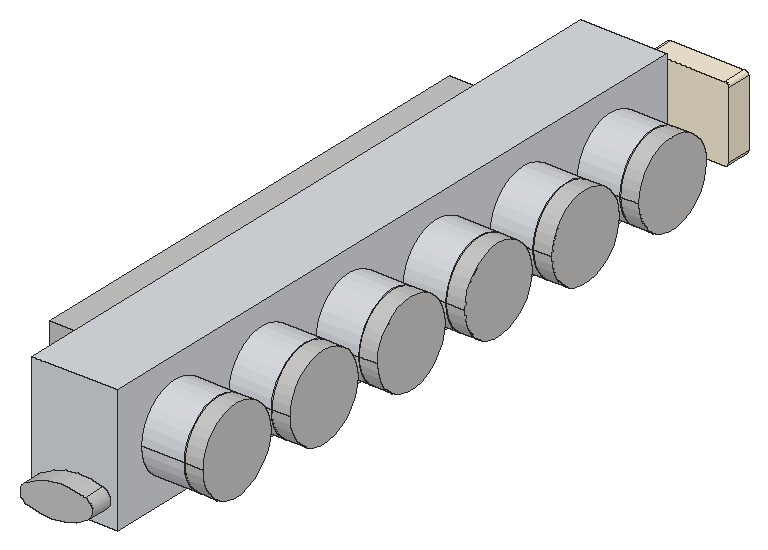
Revit family "HVAC_Ductwork_Airzone_Motorized-Plenum_Daikin_Standard_6-Dampers", category Mechanical Equipment, Revit 2016
Family settings
  Part Type = Normal
  Round Connector Dimension = Use Diameter
  OmniClass Number = 23.75.70.14
  OmniClass Title = Air Ductwork
  Work Plane-Based = No
  Always vertical = Yes
  Cut with Voids When Loaded = No
  Shared = No
  Room Calculation Point = No
Parameters (values of type "DAIST07L6")
  Voltage = 230 V
  URL = "www.airzone.es"
  Type Image Comments = "Image available in product documentation download"  # constant formula
  Revit Model Version = "1.0"  # constant formula
  Revit Model Author URL = "www.a3d.es"
  Revit Model Author = "A3D Consulting"  # constant formula
  Product Documentation Download URL = "http://doc.airzone.es/BIM/Easyzone/Daikin-Airzone_motorized_plenum.zip"
  Product Comments = "Refer to technical documentation for further details"  # constant formula
  Power Factor = 1
  Neck Width = 1195.600 mm
  Neck Length = 95.000 mm
  Neck Height = 181.600 mm
  Material = Metal - AIRZONE - Galvanized Sheet - Semi-polished
  Main Control Board Material = Plastic - AIRZONE - Smooth - Off-white
  Load Classification = Other
  Insulated Body Width = 205.000 mm  # constant formula
  Insulated Body Material = Metal -AIRZONE - Insulating Lining -Aluminum Finish
  Insulated Body Length = 1638.600 mm  # constant formula
  Insulated Body Height = 300.000 mm  # constant formula
  Flow [instance] = Damper 6 Air Flow + Damper 5 Air Flow + Damper 4 Air Flow + Damper 3 Air Flow + Damper 2 Air Flow + Damper 1 Air Flow - Fresh Air Inlet 2 Flow - Fresh Air Inlet 1 Flow  # 1800 m³/h
  Fresh Air Inlet 1 Flow [instance] = 0 m³/h
  Fresh Air Inlet 2 Flow [instance] = 0 m³/h
  Fresh Air Inlet Connection Width = 175.000 mm
  Fresh Air Inlet Connection Height = 75.000 mm
  Model = "DAIST07L6"
  Neck Side Offset = 271.500 mm
  Neck Bottom Offset = 85.200 mm
  Type Image = <None>
  Manufacturer = "AIRZONE"  # constant formula
  Main Control Board Depth = 57.000 mm  # constant formula
  Main Control Board Width = 195.000 mm  # constant formula
  Main Control Board Height = 180.000 mm  # constant formula
  Fixing = ""
  Disclaimer = "All information provided in this model is reviewed before being published. However, Airzone cannot guarantee this model is error-free, therefore users are strongly encouraged to check for technical documentation and updates"  # constant formula
  Description = "Airzone standard motorized plenum with neck that mechanically adapts to the main ducted AC units of Daikin."
  Type Comments = ""
  Dampers Length = 149.000 mm  # constant formula
  Dampers Diameter = 200.000 mm  # constant formula
  Damper 6 Air Flow [instance] = 300 m³/h
  Damper 5 Air Flow [instance] = 300 m³/h
  Damper 4 Air Flow [instance] = 300 m³/h
  Damper 1 Air Flow [instance] = 300 m³/h
  Damper 2 Air Flow [instance] = 300 m³/h
  Damper 3 Air Flow [instance] = 300 m³/h
  Fresh Air Inlet Connection Offset Height = 48.305 mm  # constant formula
  Compatible Accesories = ""
  Apparent Load = 57.5 VA
Types (10, lengths in mm): name | Neck Width | Neck Height | Model | Neck Side Offset | Neck Bottom Offset
  DAIST07L6 | 1195.600 | 181.600 | "DAIST07L6" | 271.500 | 85.200
  DAIST07M6 | 795.600 | 181.600 | "DAIST07M6" | 471.500 | 85.200
  DAIST06L6 | 1414.600 | 196.600 | "DAIST06L6" | 33.200 | 70.200
  DAIST06M6 | 1064.600 | 196.600 | "DAIST06M6" | 196.200 | 70.200
  DAIST05L6 | 1572.600 | 123.600 | "DAIST05L6" | 33.000 | 138.200
  DAIST04L6 | 1173.600 | 203.600 | "DAIST04L6" | 232.600 | 54.200
  DAIST04M6 | 773.600 | 203.600 | "DAIST04M6" | 432.500 | 54.200
  DAIST02L6 | 1068.600 | 233.600 | "DAIST02L6" | 285.000 | 33.200
  DAIST01L6 | 1167.600 | 222.600 | "DAIST01L6" | 300.500 | 46.000
  DAIST01M6 | 767.600 | 222.600 | "DAIST01M6" | 500.500 | 46.000
Reference planes
  plane 1 "Center (Front/Back)": y = 0
  plane 2 "Center (Elevation)": z = 0
  plane 3 "Center (Left/Right)": x = 0
  plane 4 "Neck Back": y = 597.8
  plane 5 "Neck Front": y = -597.8
  plane 6 "Neck Top": z = 90.8
  plane 7 "Neck Bottom": z = -90.8
  plane 8 "Left": x = 95
  plane 9 "Bottom": z = -176
  plane 10 "Top": z = 124
  plane 11 "Front": y = -769.3
  plane 12 "Back": y = 869.3
  plane 13 "Right": x = 300
  plane 14 "Dampers Front": x = 449
  plane 15 "Dampers Center (Elevation)": z = -26
  plane 16 "Damper3": y = 180
  plane 17 "Damper2": y = 440
  plane 18 "Damper1": y = 700
  plane 19 "Middle": y = 50
  plane 20 "FreshAir Center (Elevation)": z = -127.695
  plane 21 "FreshAir1": y = 921.8
  plane 22 "FreshAir2": y = -821.8
  plane 23 "Dampers Lining": x = 404
  plane 24 "FreshAir Vertical Axis": x = 195.83
  plane 25 "ConnectionBox Side": x = 254
  plane 26 "Main Control Board Center (Left/Right)": x = 351.5
  plane 27 "Damper4": y = -80
  plane 28 "Damper5": y = -340
  plane 29 "Damper6": y = -600
Forms (mm)
  Extrusion 1, solid, material "Metal - AIRZONE - Galvanized Sheet - Semi-polished" <- "Material"
    sketch origin (0, 0, 0) x (0, 1, 0) y (0, 0, 1)
      loop
        line (-597.8, 90.8) -> (-597.8, -90.8) -> (597.8, -90.8) -> (597.8, 90.8) -> (-597.8, 90.8)
    from 0 to 95
  Extrusion 2, solid, material "Metal -AIRZONE - Insulating Lining -Aluminum Finish" <- "Insulated Body Material"
    sketch origin (95, 0, 0) x (0, 1, 0) y (0, 0, 1)
      loop
        line (-769.3, 124) -> (-769.3, -176) -> (869.3, -176) -> (869.3, 124) -> (-769.3, 124)
    from 0 to 205
  Extrusion 3, solid, material "Metal - AIRZONE - Galvanized Sheet - Semi-polished" <- "Material"
    sketch origin (300, 0, 0) x (0, 1, 0) y (0, 0, 1)
      loop
        circle (180, -26) r 100
    from 104 to 149
  Extrusion 4, solid, material "Metal - AIRZONE - Galvanized Sheet - Semi-polished" <- "Material"
    sketch origin (300, 0, 0) x (0, 1, 0) y (0, 0, 1)
      loop
        circle (440, -26) r 100
    from 104 to 149
  Extrusion 5, solid, material "Metal - AIRZONE - Galvanized Sheet - Semi-polished" <- "Material"
    sketch origin (300, 0, 0) x (0, 1, 0) y (0, 0, 1)
      loop
        circle (700, -26) r 100
    from 104 to 149
  Extrusion 6, solid, material "Metal - AIRZONE - Galvanized Sheet - Semi-polished" <- "Material"
    sketch origin (0, -769.3, 0) x (0, 0, 1) y (1, 0, 0)
      loop
        arc (-95.141, 265.204) -> (-116.608, 282.105) -> (-141.312, 270.434) r 25.96
        arc (-141.312, 270.434) -> (-167.302, 200.598) -> (-159.849, 126.456) r 164.67
        arc (-159.849, 126.456) -> (-138.665, 109.589) -> (-113.994, 120.751) r 25.96
        arc (-113.994, 120.751) -> (-87.725, 190.78) -> (-95.141, 265.204) r 164.67
    from 0 to -52.5
  Extrusion 7, solid, material "Metal - AIRZONE - Galvanized Sheet - Semi-polished" <- "Material"
    sketch origin (0, 869.3, 0) x (0, 0, 1) y (1, 0, 0)
      loop
        arc (-95.141, 265.204) -> (-116.325, 282.071) -> (-140.996, 270.909) r 25.96
        arc (-140.996, 270.909) -> (-167.179, 201.53) -> (-160.267, 127.699) r 164.67
        arc (-160.267, 127.699) -> (-139.032, 109.637) -> (-113.678, 121.226) r 25.96
        arc (-113.678, 121.226) -> (-87.688, 191.062) -> (-95.141, 265.204) r 164.67
    from 0 to 52.5
  Extrusion 8, solid, material "Metal -AIRZONE - Insulating Lining -Aluminum Finish" <- "Insulated Body Material"
    sketch origin (300, 0, 0) x (0, 1, 0) y (0, 0, 1)
      loop
        circle (700, -26) r 100
    from 0 to 104
  Extrusion 9, solid, material "Metal -AIRZONE - Insulating Lining -Aluminum Finish" <- "Insulated Body Material"
    sketch origin (300, -260, 0) x (0, 1, 0) y (0, 0, 1)
      loop
        circle (700, -26) r 100
    from 0 to 104
  Extrusion 10, solid, material "Metal -AIRZONE - Insulating Lining -Aluminum Finish" <- "Insulated Body Material"
    sketch origin (300, -520, 0) x (0, 1, 0) y (0, 0, 1)
      loop
        circle (700, -26) r 100
    from 0 to 104
  Extrusion 11, solid, material "Metal - AIRZONE - Galvanized Sheet - Semi-polished" <- "Material"
    sketch origin (300, -190, 0) x (0, 1, 0) y (0, 0, 1)
      loop
        circle (110, -26) r 100
    from 104 to 149
  Extrusion 12, solid, material "Metal -AIRZONE - Insulating Lining -Aluminum Finish" <- "Insulated Body Material"
    sketch origin (300, -710, 0) x (0, 1, 0) y (0, 0, 1)
      loop
        circle (630, -26) r 100
    from 0 to 104
  Extrusion 13, solid, material "Metal -AIRZONE - Insulating Lining -Aluminum Finish" <- "Insulated Body Material"
    sketch origin (300, -970, 0) x (0, 1, 0) y (0, 0, 1)
      loop
        circle (630, -26) r 100
    from 0 to 104
  Extrusion 14, solid, material "Metal - AIRZONE - Galvanized Sheet - Semi-polished" <- "Material"
    sketch origin (300, -450, 0) x (0, 1, 0) y (0, 0, 1)
      loop
        circle (110, -26) r 100
    from 104 to 149
  Extrusion 15, solid, material "Metal -AIRZONE - Insulating Lining -Aluminum Finish" <- "Insulated Body Material"
    sketch origin (300, -1230, 0) x (0, 1, 0) y (0, 0, 1)
      loop
        circle (630, -26) r 100
    from 0 to 104
  Extrusion 16, solid, material "Metal - AIRZONE - Galvanized Sheet - Semi-polished" <- "Material"
    sketch origin (300, -710, 0) x (0, 1, 0) y (0, 0, 1)
      loop
        circle (110, -26) r 100
    from 104 to 149
Lines and regions (mm)
  Masking region 1
    outline origin (0, 0, 0) x (1, 0, 0) y (0, 1, 0)
      loop
        line (95, 869.3) -> (95, -769.3) -> (300, -769.3) -> (300, 869.3) -> (95, 869.3)
  Masking region 2, detail levels medium+fine
    outline origin (0, 0, 0) x (1, 0, 0) y (0, 1, 0)
      loop
        line (0, 597.8) -> (0, -597.8) -> (95, -597.8) -> (95, 597.8) -> (0, 597.8)
  Masking region 3, detail levels medium+fine
    outline origin (0, 0, 0) x (1, 0, 0) y (0, 1, 0)
      loop
        line (300, 280) -> (300, 80) -> (449, 80) -> (449, 280) -> (300, 280)
  Masking region 4, detail levels medium+fine
    outline origin (0, 260, 0) x (1, 0, 0) y (0, 1, 0)
      loop
        line (300, 280) -> (300, 80) -> (449, 80) -> (449, 280) -> (300, 280)
  Masking region 5, detail levels medium+fine
    outline origin (0, 520, 0) x (1, 0, 0) y (0, 1, 0)
      loop
        line (300, 280) -> (300, 80) -> (449, 80) -> (449, 280) -> (300, 280)
  Masking region 6, detail levels medium+fine
    outline origin (0, 0, -127.695) x (1, 0, 0) y (0, 1, 0)
      loop
        line (108.33, 921.8) -> (108.33, 869.3) -> (283.33, 869.3) -> (283.33, 921.8) -> (108.33, 921.8)
  Masking region 7, detail levels medium+fine
    outline origin (0, 0, -127.695) x (1, 0, 0) y (0, 1, 0)
      loop
        line (108.33, -769.3) -> (108.33, -821.8) -> (283.33, -821.8) -> (283.33, -769.3) -> (108.33, -769.3)
  Masking region 8, detail levels medium+fine
    outline origin (0, 0, 124) x (0, -1, 0) y (1, 0, 0)
      loop
        line (-926.3, 254) -> (-869.3, 254) -> (-869.3, 449) -> (-926.3, 449) -> (-926.3, 254)
  Masking region 9, detail levels medium+fine
    outline origin (0, -190, 0) x (1, 0, 0) y (0, 1, 0)
      loop
        line (300, 210) -> (300, 10) -> (449, 10) -> (449, 210) -> (300, 210)
  Masking region 10, detail levels medium+fine
    outline origin (0, -450, 0) x (1, 0, 0) y (0, 1, 0)
      loop
        line (300, 210) -> (300, 10) -> (449, 10) -> (449, 210) -> (300, 210)
  Masking region 11, detail levels medium+fine
    outline origin (0, -710, 0) x (1, 0, 0) y (0, 1, 0)
      loop
        line (300, 210) -> (300, 10) -> (449, 10) -> (449, 210) -> (300, 210)
  symbolic lines, detail levels coarse
    curve 1: line (95, -769.3, 0) -> (300, 180, 0)
    curve 2: line (300, 180, 0) -> (95, 869.3, 0)
Dimensions and locks
  equal spacing: plane 4 "Neck Back", plane 1 "Center (Front/Back)", plane 5 "Neck Front"
  "Neck Width": plane 4 "Neck Back" to plane 5 "Neck Front"
  equal spacing: plane 6 "Neck Top", level, plane 7 "Neck Bottom"
  "Neck Height": plane 6 "Neck Top" to plane 7 "Neck Bottom"
  "Neck Length": plane 3 "Center (Left/Right)" to plane 8 "Left"
  "Neck Bottom Offset": plane 7 "Neck Bottom" to plane 9 "Bottom"
  "Insulated Body Height": plane 10 "Top" to plane 9 "Bottom"
  "Insulated Body Length": plane 12 "Back" to plane 11 "Front"
  "Insulated Body Width": plane 8 "Left" to plane 13 "Right"
  "Dampers Length": plane 13 "Right" to plane 14 "Dampers Front"
  equal spacing: plane 10 "Top", plane 15 "Dampers Center (Elevation)", plane 9 "Bottom"
  equal spacing: plane 12 "Back", plane 19 "Middle", plane 11 "Front"
  plane 8 "Left" to plane 13 "Right" = 205.000 mm
  "Fresh Air Inlet Connection Offset Height": plane 20 "FreshAir Center (Elevation)" to plane 9 "Bottom"
  locked: Extrusion 6 sketch curve to plane 9 "Bottom" at 56.47
  locked: plane 13 "Right" to Extrusion 6 sketch curve at 43.69
  locked: plane 13 "Right" to Extrusion 6 sketch curve at 164.65
  locked: Extrusion 6 sketch curve to plane 9 "Bottom" at 40.54
  locked: plane 13 "Right" to Extrusion 6 sketch curve at 87.91
  locked: plane 9 "Bottom" to Extrusion 6 sketch curve at 75.01
  locked: plane 13 "Right" to Extrusion 6 sketch curve at 120.43
  locked: Extrusion 6 sketch curve to plane 9 "Bottom" at 172.02
  locked: plane 13 "Right" to Extrusion 7 sketch curve at 43.69
  locked: Extrusion 7 sketch curve to plane 9 "Bottom" at 56.47
  locked: Extrusion 7 sketch curve to plane 9 "Bottom" at 40.54
  locked: plane 13 "Right" to Extrusion 7 sketch curve at 164.65
  locked: plane 13 "Right" to Extrusion 7 sketch curve at 120.43
  locked: Extrusion 7 sketch curve to plane 9 "Bottom" at 172.02
  locked: plane 9 "Bottom" to Extrusion 7 sketch curve at 75.01
  locked: plane 13 "Right" to Extrusion 7 sketch curve at 87.91
  "Neck Side Offset": plane 12 "Back" to plane 4 "Neck Back"
  locked: plane 21 "FreshAir1" to plane 12 "Back" at 52.5
  plane 11 "Front" to plane 22 "FreshAir2" = 52.500 mm
  locked: connector elem to plane 13 "Right" at 104.17
  locked: plane 20 "FreshAir Center (Elevation)" to connector elem
  locked: plane 13 "Right" to connector elem at 104.17
  locked: connector elem to plane 20 "FreshAir Center (Elevation)"
  locked: plane 23 "Dampers Lining" to plane 14 "Dampers Front" at 45
  locked: plane 24 "FreshAir Vertical Axis" to plane 13 "Right" at 104.17
  equal spacing: Masking region 3 sketch curve, plane 16 "Damper3", Masking region 3 sketch curve
  "Dampers Diameter": Masking region 3 sketch curve to Masking region 3 sketch curve
  "Dampers Diameter": Masking region 4 sketch curve to Masking region 4 sketch curve
  equal spacing: Masking region 5 sketch curve, plane 18 "Damper1", Masking region 5 sketch curve
  "Dampers Diameter": Masking region 5 sketch curve to Masking region 5 sketch curve
  equal spacing: Masking region 6 sketch curve, plane 24 "FreshAir Vertical Axis", Masking region 6 sketch curve
  "Fresh Air Inlet Connection Width": Masking region 6 sketch curve to Masking region 6 sketch curve
  equal spacing: Masking region 7 sketch curve, plane 24 "FreshAir Vertical Axis", Masking region 7 sketch curve
  "Fresh Air Inlet Connection Width": Masking region 7 sketch curve to Masking region 7 sketch curve
  "Main Control Board Depth": Masking region 8 sketch curve to plane 12 "Back"
  "Main Control Board Width": plane 25 "ConnectionBox Side" to plane 14 "Dampers Front"
  equal spacing: plane 25 "ConnectionBox Side", plane 26 "Main Control Board Center (Left/Right)", plane 14 "Dampers Front"
  locked: nested 1 to plane 10 "Top" at 10
  equal spacing: Masking region 4 sketch curve, plane 17 "Damper2", Masking region 4 sketch curve
  equal spacing: Masking region 9 sketch curve, plane 27 "Damper4", Masking region 9 sketch curve
  "Dampers Diameter": Masking region 9 sketch curve to Masking region 9 sketch curve
  plane 18 "Damper1" to plane 17 "Damper2" to plane 16 "Damper3" to plane 27 "Damper4" to plane 28 "Damper5" to plane 29 "Damper6" = 260.000 mm locked, 260.000 mm locked, 260.000 mm locked, 260.000 mm locked, 260.000 mm locked
  locked: plane 16 "Damper3" to plane 19 "Middle" at 130
  equal spacing: Masking region 10 sketch curve, plane 28 "Damper5", Masking region 10 sketch curve
  "Dampers Diameter": Masking region 10 sketch curve to Masking region 10 sketch curve
  equal spacing: Masking region 11 sketch curve, plane 29 "Damper6", Masking region 11 sketch curve
  "Dampers Diameter": Masking region 11 sketch curve to Masking region 11 sketch curve
  "Dampers Diameter": diameter of Extrusion 3 sketch curve
  "Dampers Diameter": diameter of Extrusion 4 sketch curve
  "Dampers Diameter": diameter of Extrusion 5 sketch curve
  radius of Extrusion 7 sketch curve = 164.670 mm  (x2)
  radius of Extrusion 7 sketch curve = 25.960 mm  (x2)
  radius of Extrusion 6 sketch curve = 164.670 mm  (x2)
  radius of Extrusion 6 sketch curve = 25.960 mm  (x2)
  "Dampers Diameter": diameter of Extrusion 8 sketch curve
  "Dampers Diameter": diameter of Extrusion 9 sketch curve
  "Dampers Diameter": diameter of Extrusion 10 sketch curve
  "Dampers Diameter": diameter of Extrusion 11 sketch curve
  "Dampers Diameter": diameter of Extrusion 12 sketch curve
  "Dampers Diameter": diameter of Extrusion 13 sketch curve
  "Dampers Diameter": diameter of Extrusion 14 sketch curve
  "Dampers Diameter": diameter of Extrusion 15 sketch curve
  "Dampers Diameter": diameter of Extrusion 16 sketch curve
  aligned and locked: level to plane 2 "Center (Elevation)"
  aligned and locked: plane 5 "Neck Front" to Extrusion 1 sketch curve
  aligned and locked: Extrusion 1 sketch curve to plane 6 "Neck Top"
  aligned and locked: Extrusion 1 sketch curve to plane 4 "Neck Back"
  aligned and locked: plane 7 "Neck Bottom" to Extrusion 1 sketch curve
  aligned and locked: Extrusion 1 to plane 3 "Center (Left/Right)"
  aligned and locked: Extrusion 2 sketch curve to plane 10 "Top"
  aligned and locked: Extrusion 2 sketch curve to plane 12 "Back"
  aligned and locked: Extrusion 2 sketch curve to plane 9 "Bottom"
  aligned and locked: plane 11 "Front" to Extrusion 2 sketch curve
  aligned and locked: plane 13 "Right" to Extrusion 2
  aligned and locked: Extrusion 2 to plane 8 "Left"
  aligned and locked: plane 16 "Damper3" to Extrusion 3 sketch curve
  aligned and locked: plane 15 "Dampers Center (Elevation)" to Extrusion 3 sketch curve
  aligned and locked: plane 15 "Dampers Center (Elevation)" to Extrusion 4 sketch curve
  aligned and locked: plane 18 "Damper1" to Extrusion 5 sketch curve
  aligned and locked: plane 15 "Dampers Center (Elevation)" to Extrusion 5 sketch curve
  aligned and locked: plane 14 "Dampers Front" to Extrusion 5
  aligned and locked: plane 14 "Dampers Front" to Extrusion 4
  aligned and locked: plane 14 "Dampers Front" to Extrusion 3
  aligned and locked: plane 8 "Left" to Extrusion 1
  aligned and locked: plane 22 "FreshAir2" to Extrusion 6
  aligned and locked: plane 21 "FreshAir1" to Extrusion 7
  aligned and locked: Extrusion 7 to plane 12 "Back"
  aligned and locked: plane 11 "Front" to Extrusion 6
  aligned and locked: Extrusion 5 to plane 23 "Dampers Lining"
  aligned and locked: Extrusion 5 to Extrusion 4
  aligned and locked: Extrusion 4 to Extrusion 3
  aligned and locked: plane 23 "Dampers Lining" to Extrusion 8
  aligned and locked: Extrusion 10 to plane 13 "Right"
  aligned and locked: plane 23 "Dampers Lining" to Extrusion 10
  aligned and locked: Extrusion 9 to plane 13 "Right"
  aligned and locked: plane 23 "Dampers Lining" to Extrusion 9
  aligned and locked: Extrusion 8 to plane 13 "Right"
  aligned and locked: Extrusion 9 to Extrusion 8
  aligned and locked: plane 18 "Damper1" to Extrusion 8 sketch curve
  aligned and locked: plane 15 "Dampers Center (Elevation)" to Extrusion 8 sketch curve
  aligned and locked: plane 15 "Dampers Center (Elevation)" to Extrusion 9 sketch curve
  aligned and locked: plane 16 "Damper3" to Extrusion 10 sketch curve
  aligned and locked: plane 15 "Dampers Center (Elevation)" to Extrusion 10 sketch curve
  aligned and locked: Masking region 1 sketch curve to plane 12 "Back"
  aligned and locked: plane 8 "Left" to Masking region 1 sketch curve
  aligned and locked: Masking region 1 sketch curve to plane 13 "Right"
  aligned and locked: plane 11 "Front" to Masking region 1 sketch curve
  aligned and locked: plane 5 "Neck Front" to Masking region 2 sketch curve
  aligned and locked: plane 3 "Center (Left/Right)" to Masking region 2 sketch curve
  aligned and locked: Masking region 2 sketch curve to plane 4 "Neck Back"
  aligned and locked: Masking region 2 sketch curve to plane 8 "Left"
  aligned and locked: plane 13 "Right" to Masking region 3 sketch curve
  aligned and locked: Masking region 3 sketch curve to plane 14 "Dampers Front"
  aligned and locked: plane 13 "Right" to Masking region 4 sketch curve
  aligned and locked: Masking region 4 sketch curve to plane 14 "Dampers Front"
  aligned and locked: plane 13 "Right" to Masking region 5 sketch curve
  aligned and locked: Masking region 5 sketch curve to plane 14 "Dampers Front"
  aligned and locked: plane 12 "Back" to Masking region 6 sketch curve
  aligned and locked: Masking region 6 sketch curve to plane 21 "FreshAir1"
  aligned and locked: Masking region 7 sketch curve to plane 11 "Front"
  aligned and locked: Masking region 7 sketch curve to plane 22 "FreshAir2"
  aligned and locked: plane 12 "Back" to Masking region 8 sketch curve
  aligned and locked: Masking region 8 sketch curve to plane 14 "Dampers Front"
  aligned and locked: plane 25 "ConnectionBox Side" to Masking region 8 sketch curve
  aligned and locked: plane 17 "Damper2" to Extrusion 9 sketch curve
  aligned and locked: plane 17 "Damper2" to Extrusion 4 sketch curve
  aligned and locked: Masking region 9 sketch curve to plane 14 "Dampers Front"
  aligned and locked: plane 13 "Right" to Masking region 9 sketch curve
  aligned and locked: Extrusion 12 to plane 13 "Right"
  aligned and locked: plane 23 "Dampers Lining" to Extrusion 12
  aligned and locked: Extrusion 11 to plane 23 "Dampers Lining"
  aligned and locked: plane 14 "Dampers Front" to Extrusion 11
  aligned and locked: plane 15 "Dampers Center (Elevation)" to Extrusion 12 sketch curve
  aligned and locked: plane 27 "Damper4" to Extrusion 12 sketch curve
  aligned and locked: plane 15 "Dampers Center (Elevation)" to Extrusion 11 sketch curve
  aligned and locked: plane 27 "Damper4" to Extrusion 11 sketch curve
  aligned and locked: Masking region 10 sketch curve to plane 14 "Dampers Front"
  aligned and locked: plane 13 "Right" to Masking region 10 sketch curve
  aligned and locked: plane 28 "Damper5" to Extrusion 13 sketch curve
  aligned and locked: plane 15 "Dampers Center (Elevation)" to Extrusion 13 sketch curve
  aligned and locked: Extrusion 14 to plane 23 "Dampers Lining"
  aligned and locked: plane 14 "Dampers Front" to Extrusion 14
  aligned and locked: plane 15 "Dampers Center (Elevation)" to Extrusion 14 sketch curve
  aligned and locked: plane 28 "Damper5" to Extrusion 14 sketch curve
  aligned and locked: Masking region 11 sketch curve to plane 14 "Dampers Front"
  aligned and locked: plane 13 "Right" to Masking region 11 sketch curve
  aligned and locked: Extrusion 15 to plane 13 "Right"
  aligned and locked: plane 23 "Dampers Lining" to Extrusion 15
  aligned and locked: plane 29 "Damper6" to Extrusion 15 sketch curve
  aligned and locked: plane 15 "Dampers Center (Elevation)" to Extrusion 15 sketch curve
  aligned and locked: plane 14 "Dampers Front" to Extrusion 16
  aligned and locked: Extrusion 16 to plane 23 "Dampers Lining"
  aligned and locked: plane 15 "Dampers Center (Elevation)" to Extrusion 16 sketch curve
  aligned and locked: plane 29 "Damper6" to Extrusion 16 sketch curve
  aligned and locked: nested 1 to plane 26 "Main Control Board Center (Left/Right)"
Automatic sketch dimensions
  curve 2 to plane 8 "Left" = 0.000 mm
  curve 1 to plane 8 "Left" = 0.000 mm
  curve 2 to plane 13 "Right" = 0.000 mm
  curve 1 to plane 11 "Front" = 0.000 mm
  curve 2 to plane 16 "Damper3" = 0.000 mm
  curve 2 to plane 12 "Back" = 0.000 mm
Nested families
  nested 1: "Airzone_Main-Control-Board" at (351.5, 869.3, 24) x (-1, 0, 0) z (0, 1, 0), Extrusion <- "Main Control Board Depth", Height <- "Main Control Board Height", Width <- "Main Control Board Width", Material <- "Main Control Board Material", type "Standard"
    with Width 195.000 mm, Material Plastic - AIRZONE - Smooth - Off-white, Height 180.000 mm, Extrusion 57.000 mm
Connectors
  hvac at (449, 180, -26), driven by "Damper 3 Air Flow", driven by "Dampers Diameter"
    settings: on Extrusion 3, index 1, duct flow 300 m³/h, flow factor 0, pres drop 0.0 Pa, loss coef 0, conn angle 0.00°, conn width 304.8 mm, conn height 304.8 mm, conn diameter 200 mm, duct sys type 1, conn prof type 0, flow config 0, flow direction 2, loss method 0, conn ref index -1, conn util no, is conn primary no, conn desc "Supply Air Out 3"
  hvac at (449, 440, -26), driven by "Damper 2 Air Flow", driven by "Dampers Diameter"
    settings: on Extrusion 4, index 2, duct flow 300 m³/h, flow factor 0, pres drop 0.0 Pa, loss coef 0, conn angle 0.00°, conn width 304.8 mm, conn height 304.8 mm, conn diameter 200 mm, duct sys type 1, conn prof type 0, flow config 0, flow direction 2, loss method 0, conn ref index -1, conn util no, is conn primary no, conn desc "Supply Air Out 2"
  hvac at (449, 700, -26), driven by "Damper 1 Air Flow", driven by "Dampers Diameter"
    settings: on Extrusion 5, index 3, duct flow 300 m³/h, flow factor 0, pres drop 0.0 Pa, loss coef 0, conn angle 0.00°, conn width 304.8 mm, conn height 304.8 mm, conn diameter 200 mm, duct sys type 1, conn prof type 0, flow config 0, flow direction 2, loss method 0, conn ref index -1, conn util no, is conn primary no, conn desc "Supply Air Out 1"
  hvac at (0, 0, 0), driven by "Flow", driven by "Neck Height", driven by "Neck Width"
    settings: on Extrusion 1, index 6, duct flow 1800 m³/h, flow factor 0, pres drop 0.0 Pa, loss coef 0, conn angle 0.00°, conn width 1195.6 mm, conn height 181.6 mm, conn diameter 609.6 mm, duct sys type 1, conn prof type 1, flow config 1, flow direction 1, loss method 0, conn ref index -1, conn util no, is conn primary yes, conn desc "Supply Air In"
  hvac at (195.83, -821.8, -127.695), driven by "Fresh Air Inlet 2 Flow", driven by "Fresh Air Inlet Connection Width", driven by "Fresh Air Inlet Connection Height"
    settings: index 7, duct flow 0 m³/h, flow factor 0, pres drop 0.0 Pa, loss coef 0, conn angle 0.00°, conn width 175 mm, conn height 75 mm, conn diameter 609.6 mm, duct sys type 1, conn prof type 2, flow config 1, flow direction 1, loss method 0, conn ref index -1, conn util no, is conn primary no, conn desc "Fresh Air In 2"
  hvac at (195.83, 921.8, -127.695), driven by "Fresh Air Inlet 1 Flow", driven by "Fresh Air Inlet Connection Height", driven by "Fresh Air Inlet Connection Width"
    settings: index 8, duct flow 0 m³/h, flow factor 0, pres drop 0.0 Pa, loss coef 0, conn angle 0.00°, conn width 175 mm, conn height 75 mm, conn diameter 609.6 mm, duct sys type 1, conn prof type 2, flow config 1, flow direction 1, loss method 0, conn ref index -1, conn util no, is conn primary no, conn desc "Fresh Air In 1"
  hvac at (449, -80, -26), driven by "Damper 4 Air Flow", driven by "Dampers Diameter"
    settings: on Extrusion 11, index 9, duct flow 300 m³/h, flow factor 0, pres drop 0.0 Pa, loss coef 0, conn angle 0.00°, conn width 304.8 mm, conn height 304.8 mm, conn diameter 200 mm, duct sys type 1, conn prof type 0, flow config 0, flow direction 2, loss method 0, conn ref index -1, conn util no, is conn primary no, conn desc "Supply Air Out 4"
  hvac at (449, -340, -26), driven by "Damper 5 Air Flow", driven by "Dampers Diameter"
    settings: on Extrusion 14, index 10, duct flow 300 m³/h, flow factor 0, pres drop 0.0 Pa, loss coef 0, conn angle 0.00°, conn width 304.8 mm, conn height 304.8 mm, conn diameter 200 mm, duct sys type 1, conn prof type 0, flow config 0, flow direction 2, loss method 0, conn ref index -1, conn util no, is conn primary no, conn desc "Supply Air Out 5"
  hvac at (449, -600, -26), driven by "Damper 6 Air Flow", driven by "Dampers Diameter"
    settings: on Extrusion 16, index 11, duct flow 300 m³/h, flow factor 0, pres drop 0.0 Pa, loss coef 0, conn angle 0.00°, conn width 304.8 mm, conn height 304.8 mm, conn diameter 200 mm, duct sys type 1, conn prof type 0, flow config 0, flow direction 2, loss method 0, conn ref index -1, conn util no, is conn primary no, conn desc "Supply Air Out 6"
  electrical at (351.5, 926.3, 24), driven by "Load Classification", driven by "Voltage", driven by "Apparent Load", driven by "Power Factor"
    settings: on nested 1, index 12, voltage 230 V, apparent load 57.5 VA, apparent load phase1 0 VA, apparent load phase2 0 VA, apparent load phase3 0 VA, power factor 1, load classification "Other", number of poles 1, system type 30, power factor state 1, is connector primary yes, connector utility no, sub classification motor no, connector description "Power Supply"
Definition of nested family "Airzone_Main-Control-Board"
  Parameters (values of type "Standard")
    Width [instance] = 195.000 mm
    URL = "www.airzone.es"
    Revit Model Version = "1.0"  # constant formula
    Revit Model Author URL = "www.a3d.es"
    Revit Model Author = "A3D Consulting"  # constant formula
    Material [instance] = none
    Manufacturer = "AIRZONE"  # constant formula
    Height [instance] = 180.000 mm
    Extrusion [instance] = 57.000 mm
    Default Elevation = 0.000 mm
  Reference planes
    plane 1 "Center (Front/Back)": y = 0
    plane 2: z = 0
    plane 3 "Center (Left/Right)": x = 0
    plane 4: y = 90
    plane 5: y = -90
    plane 6: x = 97.5
    plane 7: x = -97.5
  Forms (mm)
    Extrusion 1, solid, material <- "Material"
      sketch origin (0, 0, 0) x (1, 0, 0) y (0, 1, 0)
        loop
          arc (-87.5, 90) -> (-94.571, 87.071) -> (-97.5, 80) r 10
          line (-97.5, 80) -> (-97.5, -80)
          arc (-97.5, -80) -> (-94.571, -87.071) -> (-87.5, -90) r 10
          line (-87.5, -90) -> (87.5, -90)
          arc (87.5, -90) -> (94.571, -87.071) -> (97.5, -80) r 10
          line (97.5, -80) -> (97.5, 80)
          arc (97.5, 80) -> (94.571, 87.071) -> (87.5, 90) r 10
          line (87.5, 90) -> (-87.5, 90)
      from 0 to 57 <- "Extrusion"
  Dimensions and locks
    equal spacing: plane 7, plane 3 "Center (Left/Right)", plane 6
    equal spacing: plane 4, plane 1 "Center (Front/Back)", plane 5
    "Width": plane 7 to plane 6
    "Height": plane 4 to plane 5
    radius of Extrusion 1 sketch curve = 10.000 mm  (x4)
    aligned and locked: level to plane 2
    aligned and locked: plane 5 to Extrusion 1 sketch curve
    aligned and locked: Extrusion 1 sketch curve to plane 6
    aligned and locked: Extrusion 1 sketch curve to plane 4
    aligned and locked: plane 7 to Extrusion 1 sketch curve
